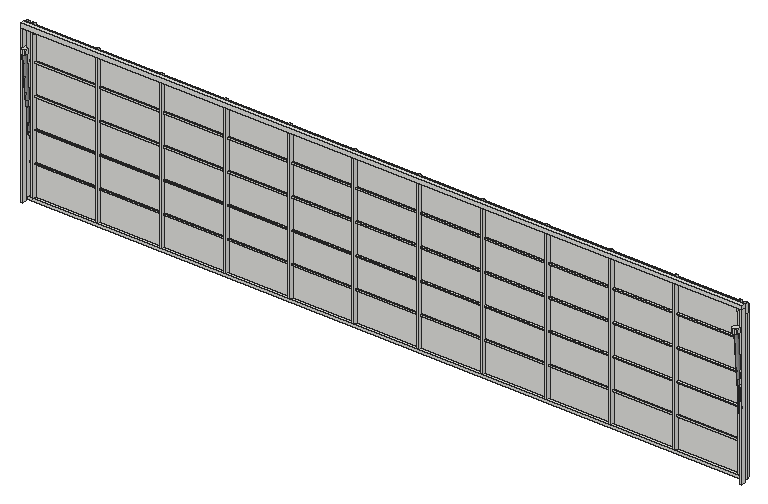
Revit family "Door-Hydraulic-PowerLift-Max_Plus_Frame", category Doors, host Wall, Revit 2026
Family settings
  Host = Wall
  Classification Number = 23.30.10.00
  Always vertical = Yes
  Cut with Voids When Loaded = No
  Shared = No
  Room Calculation Point = No
Parameters (values of type "90'W x 20'H")
  Vertical Rail Spacing [instance] = 7' - 10 1/4"
  URL = "https://powerliftdoors.com/"
  Type Comments = "Door models are generic and may be resized in architectural software (Revit). Door construction materials (e.g. number of crossmembers, verticals, and all material sizes) may change for your project based on a number of factors including but not limited to cladding material, interior/exterior sheeting, insulation, and wind load design requirements in your area.\r\n\r\nDetail items such as top and bottom door seals, header and jamb fixing components, hoses, pumps, and pins are not included in these models as installation requirements vary depending on factors such as header and jamb material, thickness/depth, and mounting style (inside or outside mount). Omitting such details also minimizes file size.\r\n\r\nFor details regarding different installation configurations, fixing requirements, seal details, and any further questions, please visit www.powerliftdoors.com or contact Powerlift Doors directly at 1-855-368-9595.\r\n"
  Rough Width = Width  # 90' - 0"
  Rough Opening Width [instance] = if(Outside Mount, Width - (0' 3" * 2), Width)  # 89' - 6"
  Rough Opening Height [instance] = if(Outside Mount, Height - 0' 6", Height)  # 19' - 6"
  Rough Height = Height  # 20' - 0"
  Outside Mount [instance] = not(Inside Mount)  # yes
  Model = "Max Plus Frame"
  Metal Sheeting Thickness [instance] = 0' - 1"
  Metal Sheeting Material [instance] = Steel - PowerLift
  Manufacturer Website = ""
  Manufacturer Phone - Toll Free = "855-368-9595"
  Manufacturer Phone = "507-368-9500"
  Manufacturer Fax = "507-368-1358"
  Manufacturer Email = "https://powerliftdoors.com/contact/"
  Manufacturer Address = "1482 200th Ave., P.O. Box 311, Lake Benton, MN 56149"
  Manufacturer = "PowerLift Hydraulic Doors"
  Inside Mount [instance] = no
  Horizontal Rail Spacing [instance] = 3' - 10 1/2"
  Function = Exterior
  Height = 20' - 0"
  Wall Closure = By host
  Width = 90' - 0"
  Frame Offset [instance] = if(Inside Mount, 0' 7" + Metal Sheeting Thickness, 0' 0")  # 0' - 0"
  Frame Material [instance] = Steel - PowerLift
  Door Open [instance] = no
  Door Closed [instance] = not(Door Open)  # yes
  Description = "Hydraulic Door - Max Plus Frame"
  Bottom Truss Interior [instance] = no
  Bottom Truss Exterior [instance] = not(Bottom Truss Interior)  # yes
Types (40): name | Rough Width | Rough Opening Width | Rough Opening Height | Rough Height | Height | Width
  80'W x 24'H | 80' - 0" | 79' - 6" | 23' - 6" | 24' - 0" | 24' - 0" | 80' - 0"
  82'W x 24'H | 82' - 0" | 81' - 6" | 23' - 6" | 24' - 0" | 24' - 0" | 82' - 0"
  84'W x 22'H | 84' - 0" | 83' - 6" | 21' - 6" | 22' - 0" | 22' - 0" | 84' - 0"
  84'W x 24'H | 84' - 0" | 83' - 6" | 23' - 6" | 24' - 0" | 24' - 0" | 84' - 0"
  86'W x 22'H | 86' - 0" | 85' - 6" | 21' - 6" | 22' - 0" | 22' - 0" | 86' - 0"
  88'W x 22'H | 88' - 0" | 87' - 6" | 21' - 6" | 22' - 0" | 22' - 0" | 88' - 0"
  90'W x 20'H | 90' - 0" | 89' - 6" | 19' - 6" | 20' - 0" | 20' - 0" | 90' - 0"
  90'W x 22'H | 90' - 0" | 89' - 6" | 21' - 6" | 22' - 0" | 22' - 0" | 90' - 0"
  92'W x 20'H | 92' - 0" | 91' - 6" | 19' - 6" | 20' - 0" | 20' - 0" | 92' - 0"
  92'W x 22'H | 92' - 0" | 91' - 6" | 21' - 6" | 22' - 0" | 22' - 0" | 92' - 0"
  94'W x 18'H | 94' - 0" | 93' - 6" | 17' - 6" | 18' - 0" | 18' - 0" | 94' - 0"
  94'W x 20'H | 94' - 0" | 93' - 6" | 19' - 6" | 20' - 0" | 20' - 0" | 94' - 0"
  94'W x 22'H | 94' - 0" | 93' - 6" | 21' - 6" | 22' - 0" | 22' - 0" | 94' - 0"
  96'W x 18'H | 96' - 0" | 95' - 6" | 17' - 6" | 18' - 0" | 18' - 0" | 96' - 0"
  96'W x 20'H | 96' - 0" | 95' - 6" | 19' - 6" | 20' - 0" | 20' - 0" | 96' - 0"
  96'W x 22'H | 96' - 0" | 95' - 6" | 21' - 6" | 22' - 0" | 22' - 0" | 96' - 0"
  98'W x 16'H | 98' - 0" | 97' - 6" | 15' - 6" | 16' - 0" | 16' - 0" | 98' - 0"
  98'W x 18'H | 98' - 0" | 97' - 6" | 17' - 6" | 18' - 0" | 18' - 0" | 98' - 0"
  98'W x 20'H | 98' - 0" | 97' - 6" | 19' - 6" | 20' - 0" | 20' - 0" | 98' - 0"
  98'W x 22'H | 98' - 0" | 97' - 6" | 21' - 6" | 22' - 0" | 22' - 0" | 98' - 0"
  100'W x 12'H | 100' - 0" | 99' - 6" | 11' - 6" | 12' - 0" | 12' - 0" | 100' - 0"
  100'W x 14'H | 100' - 0" | 99' - 6" | 13' - 6" | 14' - 0" | 14' - 0" | 100' - 0"
  100'W x 16'H | 100' - 0" | 99' - 6" | 15' - 6" | 16' - 0" | 16' - 0" | 100' - 0"
  100'W x 18'H | 100' - 0" | 99' - 6" | 17' - 6" | 18' - 0" | 18' - 0" | 100' - 0"
  100'W x 20'H | 100' - 0" | 99' - 6" | 19' - 6" | 20' - 0" | 20' - 0" | 100' - 0"
  102'W x 12'H | 102' - 0" | 101' - 6" | 11' - 6" | 12' - 0" | 12' - 0" | 102' - 0"
  102'W x 14'H | 102' - 0" | 101' - 6" | 13' - 6" | 14' - 0" | 14' - 0" | 102' - 0"
  102'W x 16'H | 102' - 0" | 101' - 6" | 15' - 6" | 16' - 0" | 16' - 0" | 102' - 0"
  102'W x 18'H | 102' - 0" | 101' - 6" | 17' - 6" | 18' - 0" | 18' - 0" | 102' - 0"
  102'W x 20'H | 102' - 0" | 101' - 6" | 19' - 6" | 20' - 0" | 20' - 0" | 102' - 0"
  104'W x 12'H | 104' - 0" | 103' - 6" | 11' - 6" | 12' - 0" | 12' - 0" | 104' - 0"
  104'W x 14'H | 104' - 0" | 103' - 6" | 13' - 6" | 14' - 0" | 14' - 0" | 104' - 0"
  104'W x 16'H | 104' - 0" | 103' - 6" | 15' - 6" | 16' - 0" | 16' - 0" | 104' - 0"
  104'W x 18'H | 104' - 0" | 103' - 6" | 17' - 6" | 18' - 0" | 18' - 0" | 104' - 0"
  104'W x 20'H | 104' - 0" | 103' - 6" | 19' - 6" | 20' - 0" | 20' - 0" | 104' - 0"
  108'W x 12'H | 108' - 0" | 107' - 6" | 11' - 6" | 12' - 0" | 12' - 0" | 108' - 0"
  108'W x 14'H | 108' - 0" | 107' - 6" | 13' - 6" | 14' - 0" | 14' - 0" | 108' - 0"
  108'W x 16'H | 108' - 0" | 107' - 6" | 15' - 6" | 16' - 0" | 16' - 0" | 108' - 0"
  108'W x 18'H | 108' - 0" | 107' - 6" | 17' - 6" | 18' - 0" | 18' - 0" | 108' - 0"
  108'W x 20'H | 108' - 0" | 107' - 6" | 19' - 6" | 20' - 0" | 20' - 0" | 108' - 0"
Reference planes (in)
  plane 1 "Center (Front/Back)": y = 0
  plane 2 "Center (Left/Right)": x = 0
  plane 3 "Left": x = -540
  plane 4 "Right": x = 540
  plane 5 "Top": z = 240
  plane 6 "Exterior": y = 12
  plane 7 "Interior": y = -12
  plane 8 "Door Frame Host": y = 12
  plane 9: x = -537
  plane 10: x = 537
  plane 11 "Cylinder Left": x = -533.03025
  plane 12 "Cylinder Right": x = 533.02725
  plane 13 "Door Panel Host": y = 18
  plane 14 "Open Door Projection": y = 258
Forms (in)
  Extrusion 1, solid, material "Steel - PowerLift" <- "Frame Material"
    sketch origin (0, 0, 0) x (1, 0, 0) y (0, 1, 0)
      loop
        line (-540, 18) -> (-540, 12) -> (-537, 12) -> (-537, 18) -> (-540, 18)
      loop
        line (537, 18) -> (537, 12) -> (540, 12) -> (540, 18) -> (537, 18)
    from 0 to 234
  Extrusion 2, solid, material "Steel - PowerLift" <- "Frame Material"
    sketch origin (0, 0, 0) x (0, 1, 0) y (0, 0, 1)
      loop
        line (12, 240) -> (12, 234) -> (18, 234) -> (18, 240) -> (12, 240)
    from -540 to 540
  Extrusion 3, solid, material "Steel - PowerLift" <- "Frame Material", visible <- "Inside Mount"
    sketch origin (540, 0, 0) x (0, -1, 0) y (0, 0, 1)
      loop
        line (-12, 236.5) -> (-12, 164.5) -> (-7, 169.5) -> (-7, 231.5) -> (-12, 236.5)
    from 0 to 3
  Extrusion 4, solid, material "Steel - PowerLift" <- "Frame Material", visible <- "Inside Mount", detail levels medium+fine
    sketch origin (-540, 0, 0) x (0, -1, 0) y (0, 0, 1)
      loop
        line (-12, 236.5) -> (-12, 164.5) -> (-7, 169.5) -> (-7, 231.5) -> (-12, 236.5)
    from 0 to -3
  Extrusion 5, solid, material "Steel - PowerLift" <- "Frame Material", detail levels medium+fine
    sketch origin (0, 0, 0) x (1, 0, 0) y (0, 1, 0)
      loop
        line (-537, 16.9375) -> (-537, 7.5288)
        arc (-537, 7.5288) -> (-536.83017, 6.83551) -> (-536.35914, 6.29921) r 1.5
        line (-536.35914, 6.29921) -> (-534.51603, 5.01139)
        arc (-534.51603, 5.01139) -> (-532.98933, 4.5625) -> (-531.50103, 5.12581) r 2.5
        line (-531.50103, 5.12581) -> (-529.91282, 6.42527)
        arc (-529.91282, 6.42527) -> (-529.55112, 6.85833) -> (-529.375, 7.39438) r 1.5
        line (-529.375, 7.39438) -> (-529.375, 10.875) -> (-530.375, 10.875) -> (-536, 16.9375) -> (-537, 16.9375)
      loop
        line (537, 16.9375) -> (536, 16.9375) -> (530.375, 10.875) -> (529.375, 10.875) -> (529.375, 7.39438)
        arc (529.375, 7.39438) -> (529.55112, 6.85833) -> (529.91282, 6.42527) r 1.5
        line (529.91282, 6.42527) -> (531.50103, 5.12581)
        arc (531.50103, 5.12581) -> (532.98933, 4.5625) -> (534.51603, 5.01139) r 2.5
        line (534.51603, 5.01139) -> (536.35914, 6.29921)
        arc (536.35914, 6.29921) -> (536.83017, 6.83551) -> (537, 7.5288) r 1.5
        line (537, 7.5288) -> (537, 16.9375)
    from 203.625 to 209.625
Lines and regions (in)
  Opening 1
    outline origin (-90, -12, 0) x (1, 0, 0) y (0, 0, 1)
      loop
        line (-447, 0) -> (627, 0) -> (627, 234) -> (-447, 234) -> (-447, 0)
  symbolic lines, style "Elevation Swing"
    curve 1: line (-540, 12, 0) -> (0, 12, 240)
    curve 2: line (0, 12, 240) -> (540, 12, 0)
    curve 7: line (-540, 12, 0) -> (-540, 256, 0)
    curve 8: line (-540, 256, 0) -> (540, 256, 0)
    curve 9: line (540, 256, 0) -> (540, 12, 0)
  reference lines
    curve 3: line (-533.03025, 9.5, 205.5) -> (-533.03025, 18, 93.75)
    curve 4: line (533.02725, 9.5, 205.5) -> (533.02725, 18, 93.75)
    curve 5: line (533.02725, 9.5, 205.5) -> (533.02725, 164.25, 232.75)
    curve 6: line (-533.03025, 9.5, 205.5) -> (-533.03025, 164.25, 232.75)
Text (in)
  text "Exterior" at (-74.96733, 52.57988, 0), in view "Ref. Level"
  text "Interior" at (-74.96733, -25.14366, 0), in view "Ref. Level"
  text "Exterior" at (0, 40.15149, 123.01588), in view "Right"
  text "Interior" at (0, -64.39139, 123.01588), in view "Right"
  text "Interior" at (0, -31.01599, 223.00693), in view "Left"
  text "Exterior" at (0, 54.57065, 223.00693), in view "Left"
Dimensions and locks (in)
  equal spacing: plane 3 "Left", plane 2 "Center (Left/Right)", plane 4 "Right"
  "Width": plane 3 "Left" to plane 4 "Right"
  "Frame Offset": plane 8 "Door Frame Host" to plane 6 "Exterior"
  locked: Extrusion 1 sketch curve to plane 8 "Door Frame Host" at 6  (x2)
  locked: Extrusion 1 sketch curve to plane 4 "Right" at 3
  locked: plane 3 "Left" to Extrusion 1 sketch curve at 3
  Extrusion 1 to plane 5 "Top" = 0' - 6"
  "Height": level to plane 5 "Top"
  locked: plane 8 "Door Frame Host" to Extrusion 2 sketch curve at 6
  locked: Extrusion 2 sketch curve to plane 5 "Top" at 6
  Extrusion 3 sketch curve to Extrusion 3 sketch curve to Extrusion 3 sketch curve to Extrusion 3 sketch curve to plane 5 "Top" = 0' - 5" locked, 5' - 2" locked, 0' - 5" locked, 0' - 3 1/2" locked
  locked: Extrusion 3 sketch curve to plane 8 "Door Frame Host" at 5
  locked: plane 3 "Left" to plane 9 at 3
  locked: plane 10 to plane 4 "Right" at 3
  locked: plane 8 "Door Frame Host" to Extrusion 4 sketch curve at 5
  Extrusion 4 sketch curve to Extrusion 4 sketch curve to Extrusion 4 sketch curve to Extrusion 4 sketch curve to plane 5 "Top" = 0' - 5" locked, 5' - 2" locked, 0' - 5" locked, 0' - 3 1/2" locked
  Extrusion 5 to Extrusion 5 to plane 5 "Top" = 0' - 6" locked, 2' - 6 3/8" locked
  curve 3 to plane 8 "Door Frame Host" to curve 3 = 0' - 6" locked, 0' - 2 1/2" locked
  curve 3 to curve 3 to plane 5 "Top" = 9' - 3 3/4" locked, 2' - 10 1/2" locked
  plane 3 "Left" to plane 11 "Cylinder Left" = 0' - 6.96975"
  locked: plane 12 "Cylinder Right" to plane 4 "Right" at 6.97275
  curve 4 to curve 4 to plane 5 "Top" = 9' - 3 3/4" locked, 2' - 10 1/2" locked
  curve 4 to plane 8 "Door Frame Host" to curve 4 = 0' - 6" locked, 0' - 2 1/2" locked
  locked: plane 13 "Door Panel Host" to plane 8 "Door Frame Host" at 6
  "Height": plane 14 "Open Door Projection" to plane 13 "Door Panel Host"
  locked: curve 5 to plane 5 "Top" at 7.25
  locked: plane 13 "Door Panel Host" to curve 5 at 146.25
  locked: curve 6 to plane 5 "Top" at 7.25
  locked: curve 6 to plane 13 "Door Panel Host" at 146.25
  locked: plane 14 "Open Door Projection" to curve 8 at 2
  equal spacing: Opening 1 sketch curve, plane 2 "Center (Left/Right)", Opening 1 sketch curve
  "Rough Opening Width": Opening 1 sketch curve to Opening 1 sketch curve
  "Rough Opening Height": Opening 1 sketch curve to level
  locked: plane 13 "Door Panel Host" to nested 1 at 0.25
  locked: Extrusion 1 to plane 5 "Top" at 6
  plane 9 to Extrusion 5 sketch curve to Extrusion 5 sketch curve to Extrusion 5 sketch curve = 0' - 1" locked, 0' - 5 5/8" locked, 0' - 1" locked
  Extrusion 5 sketch curve to plane 8 "Door Frame Host" to Extrusion 5 sketch curve to Extrusion 5 sketch curve to Extrusion 5 sketch curve to Extrusion 5 sketch curve to Extrusion 5 sketch curve to Extrusion 5 sketch curve to Extrusion 5 sketch curve = 0' - 4 15/16" locked, 0' - 1 1/8" locked, 0' - 3.3462" locked, 0' - 0.13442" locked, 0' - 0.96911" locked, 0' - 0.12605" locked, 0' - 1.1734" locked, 0' - 0.11442" locked  (x2)
  Extrusion 5 sketch curve to Extrusion 5 sketch curve to Extrusion 5 sketch curve to plane 10 = 0' - 1" locked, 0' - 5 5/8" locked, 0' - 1" locked
  Extrusion 1 to Extrusion 1 = 0' - 6"
  Extrusion 2 to Extrusion 2 = 0' - 6"
  aligned and locked: plane 6 "Exterior" to host wall
  aligned and locked: host wall to plane 7 "Interior"
  aligned and locked: Extrusion 1 sketch curve to plane 8 "Door Frame Host"
  aligned and locked: plane 8 "Door Frame Host" to Extrusion 1 sketch curve
  aligned and locked: Extrusion 1 sketch curve to plane 3 "Left"
  aligned and locked: plane 4 "Right" to Extrusion 1 sketch curve
  aligned and locked: plane 8 "Door Frame Host" to Extrusion 2 sketch curve
  aligned and locked: plane 5 "Top" to Extrusion 2 sketch curve
  aligned and locked: plane 8 "Door Frame Host" to Extrusion 3 sketch curve
  aligned and locked: Extrusion 3 to plane 10
  aligned and locked: plane 8 "Door Frame Host" to Extrusion 4 sketch curve
  aligned and locked: plane 9 to Extrusion 4
  aligned and locked: plane 3 "Left" to Extrusion 2
  aligned and locked: Extrusion 2 to plane 4 "Right"
  aligned and locked: Extrusion 5 sketch curve to plane 10
  aligned and locked: plane 2 "Center (Left/Right)" to nested 1
  aligned and locked: nested 2 to curve 4  (x3)
  aligned and locked: curve 3 to nested 3
  aligned and locked: plane 11 "Cylinder Left" to nested 3
  aligned and locked: plane 2 "Center (Left/Right)" to nested 4
  aligned and locked: nested 4 to plane 14 "Open Door Projection"
  aligned and locked: level to curve 2
  aligned and locked: plane 4 "Right" to curve 2
  aligned and locked: plane 3 "Left" to curve 1
  aligned and locked: curve 1 to level
  aligned and locked: plane 5 "Top" to curve 2
  aligned and locked: curve 2 to plane 2 "Center (Left/Right)"
  aligned and locked: nested 4 to plane 5 "Top"
  aligned and locked: nested 5 to curve 5
  aligned and locked: curve 7 to plane 3 "Left"
  aligned and locked: curve 9 to plane 4 "Right"
  aligned and locked: Opening 1 sketch curve to level
  aligned and locked: nested 3 to curve 6
  aligned and locked: nested 6 to curve 6
  aligned and locked: nested 5 to curve 6
  aligned and locked: Extrusion 5 sketch curve to plane 9
Automatic sketch dimensions
  plane 12 "Cylinder Right" to plane 12 "Cylinder Right" = 0' - 0"
  curve 9 to host wall = 0' - 0"
  curve 7 to host wall = 0' - 0"
  plane 9 to Extrusion 5 sketch curve = 0' - 0.64086"
  Extrusion 5 sketch curve to plane 11 "Cylinder Left" = 0' - 1.48579"
  Extrusion 5 sketch curve to plane 11 "Cylinder Left" = 0' - 0.05389"
  plane 11 "Cylinder Left" to Extrusion 5 sketch curve = 0' - 1.52922"
  Extrusion 5 sketch curve to Extrusion 5 sketch curve = 0' - 1.48768"
  Extrusion 5 sketch curve to Extrusion 5 sketch curve = 0' - 0.53782"  (x2)
  Extrusion 5 sketch curve to Extrusion 5 sketch curve = 0' - 0.94986"
  plane 12 "Cylinder Right" to Extrusion 5 sketch curve = 0' - 1.52622"
  Extrusion 5 sketch curve to plane 12 "Cylinder Right" = 0' - 0.05688"
  Extrusion 5 sketch curve to plane 12 "Cylinder Right" = 0' - 1.48878"
  Extrusion 5 sketch curve to plane 10 = 0' - 0.64086"
Nested families (in)
  nested 1: "Door-PowerLift-Max_Plus_Frame-Front" at (0, 18.25, 0), visible <- "Door Closed", type "Door-PowerLift-Max_Plus_Frame-Front"
    with Metal Sheeting Bottom Extension 0' - 4", Bottom Truss Interior no, Bottom Truss Exterior yes
  nested 2: "Door-PowerLift-Max_Plus-Cylinder" at (533.02725, 18, 93.75) x (-1, 0, 0) z (0, -0.0758, 0.9971), visible <- "Door Closed", type "Door-PowerLift-Max_Plus-Cylinder", detail levels medium+fine
    with Axis to Axis Distance 9' - 4.0728"
  nested 3: "Door-PowerLift-Max_Plus-Cylinder" at (-533.03025, 18, 93.75) x (1, 0, 0) z (0, -0.0758, 0.9971), visible <- "Door Closed", type "Door-PowerLift-Max_Plus-Cylinder", detail levels medium+fine
    with Axis to Axis Distance 9' - 4.0728"
  nested 4: "Door-PowerLift-Max_Plus_Frame-Front" at (0, 258, 233) x (1, 0, 0) z (0, -1, 0), visible <- "Door Open", type "Door-PowerLift-Max_Plus_Frame-Front"
    with Metal Sheeting Bottom Extension 0' - 4", Bottom Truss Interior no, Bottom Truss Exterior yes
  nested 5: "Door-PowerLift-Max_Plus-Cylinder" at (533.02725, 164.25, 232.75) x (-1, 0, 0) z (0, -0.9848, -0.1734), visible <- "Door Open", type "Door-PowerLift-Max_Plus-Cylinder", detail levels medium+fine
    with Axis to Axis Distance 13' - 1.13092"
  nested 6: "Door-PowerLift-Max_Plus-Cylinder" at (-533.03025, 164.25, 232.75) x (1, 0, 0) z (0, -0.9848, -0.1734), visible <- "Door Open", type "Door-PowerLift-Max_Plus-Cylinder", detail levels medium+fine
    with Axis to Axis Distance 13' - 1.13092"
Definition of nested family "Door-PowerLift-Max_Plus_Frame-Front"
  Parameters (values of type "Door-PowerLift-Max_Plus_Frame-Front")
    Width = 90' - 0"
    Vertical Rail No Array = not(Vertical Rail Array)  # no
    Vertical Rail Array Quantity Auxiliary = if(Vertical Rail Array Quantity > 1, Vertical Rail Array Quantity, 2)  # 10
    Vertical Rail Array Quantity = ((Width - (0' 11" * 2)) / Vertical Bay Spacing) - 1  # 10
    Vertical Bay Spacing = 7' - 10 1/4"
    Vertical Bay Cantilever = (Width - (0' 11" * 2)) / (Vertical Rail Array Quantity + 1)  # 8' - 0.18182"
    Metal Sheeting Thickness = 0' - 1"
    Metal Sheeting Material = none
    Metal Sheeting Bottom Extension [instance] = if(Bottom Truss Interior, 0' 2", 0' 4")  # 0' - 2"
    Horizontal Rail No Array = not(Horizontal Rail Array)  # no
    Horizontal Rail Array Quantity Auxiliary = if(Horizontal Rail Array Quantity > 1, Horizontal Rail Array Quantity, 2)  # 4
    Horizontal Rail Array Quantity = ((Height - 0' 5 1/2" - 0' 4") / Horizontal Bay Spacing) - 1  # 4
    Horizontal Rail Array = Horizontal Rail Array Quantity > 1  # yes
    Horizontal Bay Spacing = 3' - 10 1/2"
    Vertical Rail Array = Vertical Rail Array Quantity > 1  # yes
    Horizontal Bay Cantilever = (Height - 0' 5 1/2" - 0' 6") / (Horizontal Rail Array Quantity + 1)  # 3' - 9.7"
    Frame Material = none
    Bottom Truss Rail Array = ((Width - (2' 11" * 2)) / 3' 1 1/4") + 1  # 28
    Height = 20' - 0"
    Default Elevation = 0' - 0"
    Bottom Truss Interior = yes
    Bottom Truss Exterior = not(Bottom Truss Interior)  # no
  Reference planes (in)
    plane 1 "Center (Front/Back)": y = 0
    plane 2: z = 0
    plane 3 "Center (Left/Right)": x = 0
    plane 4 "Left": x = -540
    plane 5 "Right": x = 540
    plane 6 "Top": z = 240
    plane 7: x = -503
    plane 8: x = 503
    plane 9: y = 6
    plane 10: x = -529
    plane 11: x = 529
    plane 12: x = -432.81818
    plane 13: x = 432.81818
    plane 14: y = 7
    plane 15: z = 51.7
    plane 16: z = 188.3
    plane 17: z = 234
    plane 18: z = 4
    plane 19: z = 119
    plane 20: z = 6
    plane 21: x = -501
  Forms (in)
    Extrusion 1, solid, material <- "Frame Material"
      sketch origin (0, 0, 0) x (1, 0, 0) y (0, 0, 1)
        loop
          line (-539, 236) -> (-539, 2) -> (-536, 2) -> (-536, 233) -> (536, 233) -> (536, 2) -> (539, 2) -> (539, 236) -> (-539, 236)
      from -6 to 0
    Extrusion 2, solid, material <- "Frame Material"
      sketch origin (0, 0, 0) x (0, 1, 0) y (0, 0, 1)
        loop
          line (0, 6) -> (0, 2) -> (6, 2) -> (6, 6) -> (0, 6)
      from -536.75 to 536.75
    Extrusion 3, solid, material <- "Frame Material", visible <- "Bottom Truss Interior"
      sketch origin (0, 3.5, 0) x (1, 0, 0) y (0, 1, 0)
        loop
          line (-533.25736, -3.5) -> (-537.5, -3.5) -> (-504.5, -36.5) -> (504.5, -36.5) -> (537.5, -3.5) -> (533.25736, -3.5) -> (504.5, -32.25736) -> (504.5, -33.5) -> (-504.5, -33.5) -> (-504.5, -32.25736) -> (-533.25736, -3.5)
      from 2 to 4
    Extrusion 4, solid, material <- "Metal Sheeting Material"
      sketch origin (0, 0, 0) x (1, 0, 0) y (0, 1, 0)
        loop
          line (-539, 7) -> (-539, 6) -> (539, 6) -> (539, 7) -> (-539, 7)
      from 2 <- "Metal Sheeting Bottom Extension" to 236
    Extrusion 5, solid, material <- "Frame Material", detail levels medium+fine
      sketch origin (540, 0, 0) x (0, -1, 0) y (0, 0, -1)
        loop
          line (-5.5, -236) -> (-5.5, -238.5625) -> (-4.5, -239.5625) -> (-1, -239.5625) -> (0, -238.5625) -> (0, -236) -> (-5.5, -236)
      from -3.5 to -9.5
    Extrusion 6, void
      sketch origin (0, 0, 0) x (1, 0, 0) y (0, 0, 1)
        loop
          line (536, 236.5625) -> (536, 239.875) -> (531, 239.875) -> (531, 236.5625) -> (536, 236.5625)
      from 0 to -6
    Extrusion 7, solid, material <- "Frame Material", detail levels medium+fine
      sketch origin (-540, 0, 0) x (0, -1, 0) y (0, 0, 1)
        loop
          line (0, 236.0625) -> (0, 238.5625) -> (-1, 239.5625) -> (-4.5, 239.5625) -> (-5.5, 238.5625) -> (-5.5, 236.0625) -> (0, 236.0625)
      from -3.5 to -9.5
    Extrusion 8, void
      sketch origin (0, 0, 0) x (1, 0, 0) y (0, 0, 1)
        loop
          line (-536, 236.5625) -> (-531, 236.5625) -> (-531, 239.875) -> (-536, 239.875) -> (-536, 236.5625)
      from 0 to -5.5
    Extrusion 9, solid, material <- "Frame Material", detail levels medium+fine
      sketch origin (540, 0, 0) x (0, -1, 0) y (0, 0, -1)
        loop
          line (0, -238.5) -> (0, -226.5)
          arc (0, -226.5) -> (-0.29289, -225.79289) -> (-1, -225.5) r 1
          line (-1, -225.5) -> (-4.5, -225.5)
          arc (-4.5, -225.5) -> (-5.20711, -225.79289) -> (-5.5, -226.5) r 1
          line (-5.5, -226.5) -> (-5.5, -238.5)
          arc (-5.5, -238.5) -> (-5.20711, -239.20711) -> (-4.5, -239.5) r 1
          line (-4.5, -239.5) -> (-1, -239.5)
          arc (-1, -239.5) -> (-0.29289, -239.20711) -> (0, -238.5) r 1
      from -0.375 to -12.625
    Extrusion 10, solid, material <- "Frame Material", detail levels medium+fine
      sketch origin (-540, 0, 0) x (0, -1, 0) y (0, 0, 1)
        loop
          arc (0, 238.5) -> (-0.29289, 239.20711) -> (-1, 239.5) r 1
          line (-1, 239.5) -> (-4.5, 239.5)
          arc (-4.5, 239.5) -> (-5.20711, 239.20711) -> (-5.5, 238.5) r 1
          line (-5.5, 238.5) -> (-5.5, 226.5)
          arc (-5.5, 226.5) -> (-5.20711, 225.79289) -> (-4.5, 225.5) r 1
          line (-4.5, 225.5) -> (-1, 225.5)
          arc (-1, 225.5) -> (-0.29289, 225.79289) -> (0, 226.5) r 1
          line (0, 226.5) -> (0, 238.5)
      from -0.375 to -12.625
    Extrusion 11, solid, material <- "Frame Material", detail levels medium+fine
      sketch origin (0, 0, 0) x (1, 0, 0) y (0, 1, 0)
        loop
          line (-535.875, 6) -> (-535.875, 2.875) -> (-530.125, 2.875) -> (-530.125, 6) -> (-535.875, 6)
        loop
          line (535.875, 6) -> (530.125, 6) -> (530.125, 2.875) -> (535.875, 2.875) -> (535.875, 6)
      from 83.5625 to 107.9375
    Extrusion 12, solid, material <- "Frame Material", detail levels medium+fine
      sketch origin (540, 0, 0) x (0, -1, 0) y (0, 0, -1)
        loop
          arc (0.75, -95.1875) -> (1.45711, -94.89461) -> (1.75, -94.1875) r 1
          line (1.75, -94.1875) -> (1.75, -91.79613)
          arc (1.75, -91.79613) -> (1.60423, -91.27624) -> (1.20942, -90.90791) r 1
          line (1.20942, -90.90791) -> (-5.5, -87.4375) -> (-5.5, -95.1875) -> (0.75, -95.1875)
      from -7.625 to -6.375
    Extrusion 13, solid, material <- "Frame Material", detail levels medium+fine
      sketch origin (-540, 0, 0) x (0, -1, 0) y (0, 0, 1)
        loop
          line (0.75, 95.1875) -> (-5.5, 95.1875) -> (-5.5, 87.4375) -> (1.20942, 90.90791)
          arc (1.20942, 90.90791) -> (1.60423, 91.27624) -> (1.75, 91.79613) r 1
          line (1.75, 91.79613) -> (1.75, 94.1875)
          arc (1.75, 94.1875) -> (1.45711, 94.89461) -> (0.75, 95.1875) r 1
      from -7.625 to -6.375
    Sweep 14, solid, material <- "Frame Material"
      path origin (0, 0, 0) x (0, 1, 0) y (0, 0, 1)
        loop
          line (6, 0) -> (1, 0)
      profile origin (0, 3.5, 0) x (0, 0, -1) y (1, 0, 0)
        loop
          line (-6, 530.5) -> (-233, 530.5) -> (-233, 527.5) -> (-6, 527.5) -> (-6, 530.5)
        loop
          line (-6, -530.5) -> (-6, -527.5) -> (-233, -527.5) -> (-233, -530.5) -> (-6, -530.5)
    Extrusion 15, void
      sketch origin (0, 0, 0) x (1, 0, 0) y (0, 0, 1)
        loop
          line (-528, 224.4375) -> (-528, 240.4375) -> (-539, 240.4375) -> (-539, 224.4375) -> (-528, 224.4375)
        loop
          line (528, 224.4375) -> (539, 224.4375) -> (539, 240.4375) -> (528, 240.4375) -> (528, 224.4375)
      from -6 to 0.25
    Extrusion 16, solid, material <- "Frame Material", visible <- "Bottom Truss Exterior"
      sketch origin (0, 2.5, 0) x (1, 0, 0) y (0, 1, 0)
        loop
          line (-533.25736, 3.5) -> (-504.5, 32.25736) -> (-504.5, 33.5) -> (504.5, 33.5) -> (504.5, 32.25736) -> (533.25736, 3.5) -> (537.5, 3.5) -> (504.5, 36.5) -> (-504.5, 36.5) -> (-537.5, 3.5) -> (-533.25736, 3.5)
      from 2 to 4
  Cuts and joins
    Extrusion 6 cuts Extrusion 5
    Extrusion 8 cuts Extrusion 7
    Extrusion 15 cuts Extrusion 10
    Extrusion 15 cuts Extrusion 9
    joined: Extrusion 11, Extrusion 12, Extrusion 13
  Dimensions and locks (in)
    equal spacing: plane 4 "Left", plane 3 "Center (Left/Right)", plane 5 "Right"
    "Width": plane 4 "Left" to plane 5 "Right"
    locked: plane 4 "Left" to plane 7 at 37
    locked: plane 8 to plane 5 "Right" at 37
    "Height": plane 2 to plane 6 "Top"
    plane 5 "Right" to Extrusion 1 sketch curve to Extrusion 1 sketch curve = 0' - 1" locked, 0' - 3" locked
    plane 4 "Left" to Extrusion 1 sketch curve to Extrusion 1 sketch curve = 0' - 1" locked, 0' - 3" locked
    Extrusion 1 sketch curve to Extrusion 1 sketch curve to plane 6 "Top" = 0' - 3" locked, 0' - 4" locked
    locked: plane 2 to Extrusion 1 sketch curve at 2  (x2)
    locked: plane 4 "Left" to Extrusion 2 at 3.25
    locked: Extrusion 2 to plane 5 "Right" at 3.25
    locked: plane 1 "Center (Front/Back)" to plane 9 at 6
    locked: plane 4 "Left" to plane 10 at 11
    locked: plane 11 to plane 5 "Right" at 11
    equal spacing: group 1, group 20, group 21, group 22, group 23, group 24, group 25, group 26, group 63, group 2  (x3)
    "Vertical Bay Cantilever": plane 12 to plane 10
    "Vertical Bay Cantilever": plane 11 to plane 13
    equal spacing: group 3, group 5, group 11, group 12, group 13, group 14, group 27, group 28, group 29, group 30, group 31, group 32, group 33, group 34, group 35, group 36, group 37, group 38, group 39, group 40, group 41, group 42, group 43, group 44, group 64, group 65, group 66, group 4  (x3)
    plane 1 "Center (Front/Back)" to Extrusion 3 sketch curve to Extrusion 3 sketch curve = 2' - 6" locked, 0' - 3" locked
    Extrusion 3 sketch curve to Extrusion 3 sketch curve to plane 5 "Right" = 0' - 4.24264" locked, 0' - 2 1/2" locked
    plane 4 "Left" to Extrusion 3 sketch curve to Extrusion 3 sketch curve = 0' - 2 1/2" locked, 0' - 4.24264" locked
    locked: Extrusion 3 to plane 2 at 2
    equal spacing: group 6, group 8, group 15, group 16, group 17, group 18, group 45, group 46, group 47, group 48, group 49, group 50, group 51, group 52, group 53, group 54, group 55, group 56, group 57, group 58, group 59, group 60, group 61, group 62, group 67, group 68, group 69, group 7  (x3)
    "Metal Sheeting Thickness": plane 14 to plane 9
    Extrusion 4 to plane 2 = 0' - 2"
    locked: plane 6 "Top" to Extrusion 4 at 4
    locked: Extrusion 4 sketch curve to plane 5 "Right" at 1
    locked: plane 4 "Left" to Extrusion 4 sketch curve at 1
    plane 6 "Top" to Extrusion 5 sketch curve to Extrusion 5 sketch curve to Extrusion 5 sketch curve to Extrusion 5 sketch curve = 0' - 0 7/16", 0' - 1", 0' - 0", 0' - 2 9/16"
    plane 5 "Right" to Extrusion 5 to cut or joined group of Extrusion 5, Extrusion 6 = 0' - 3 1/2" locked, 0' - 6"
    Extrusion 7 sketch curve to Extrusion 7 sketch curve to Extrusion 7 sketch curve to Extrusion 7 sketch curve to plane 6 "Top" = 0' - 2 1/2" locked, 0' - 0" locked, 0' - 1" locked, 0' - 0 7/16" locked
    Extrusion 7 to Extrusion 7 to plane 4 "Left" = 0' - 6" locked, 0' - 3 1/2" locked
    plane 4 "Left" to Extrusion 8 sketch curve to Extrusion 8 sketch curve = 0' - 4" locked, 0' - 5" locked
    Extrusion 8 sketch curve to Extrusion 8 sketch curve to plane 6 "Top" = 0' - 3 5/16" locked, 0' - 0 1/8" locked
    plane 6 "Top" to Extrusion 9 sketch curve to Extrusion 9 sketch curve = 0' - 0 1/2" locked, 1' - 2" locked
    plane 6 "Top" to Extrusion 10 sketch curve to Extrusion 10 sketch curve = 0' - 0 1/2" locked, 1' - 2" locked
    plane 4 "Left" to Extrusion 10 to Extrusion 10 = 0' - 0 3/8" locked, 1' - 0 1/4" locked
    plane 4 "Left" to Extrusion 11 sketch curve to Extrusion 11 sketch curve = 0' - 4 1/8" locked, 0' - 5 3/4" locked
    Extrusion 11 sketch curve to Extrusion 11 sketch curve to plane 5 "Right" = 0' - 5 3/4" locked, 0' - 4 1/8" locked
    plane 6 "Top" to Extrusion 11 to Extrusion 11 = 11' - 0 1/16" locked, 2' - 0 3/8" locked
    plane 4 "Left" to Extrusion 13 to Extrusion 13 = 0' - 6 3/8" locked, 0' - 1 1/4" locked
    Extrusion 12 to Extrusion 12 to plane 5 "Right" = 0' - 1 1/4" locked, 0' - 6 3/8" locked
    Extrusion 9 to Extrusion 9 to plane 5 "Right" = 1' - 0 1/4" locked, 0' - 0 3/8" locked
    locked: plane 2 to plane 18 at 4
    plane 17 to plane 6 "Top" = 0' - 6"
    equal spacing: group 9, group 19, group 70, group 10  (x3)
    "Horizontal Bay Cantilever": plane 15 to plane 20
    "Horizontal Bay Cantilever": plane 17 to plane 16
    equal spacing: plane 17, plane 19, plane 18
    plane 6 "Top" to Extrusion 12 sketch curve to Extrusion 12 sketch curve = 12' - 0 13/16" locked, 0' - 7 3/4" locked
    plane 6 "Top" to Extrusion 13 sketch curve to Extrusion 13 sketch curve = 12' - 0 13/16" locked, 0' - 7 3/4" locked
    locked: plane 1 "Center (Front/Back)" to Extrusion 3 sketch curve at 0  (x2)
    Extrusion 4 to plane 18 = 0' - 2"
    locked: plane 4 "Left" to Extrusion 3 sketch curve at 35.5
    locked: Extrusion 3 sketch curve to plane 5 "Right" at 35.5
    Extrusion 9 sketch curve to plane 1 "Center (Front/Back)" to Extrusion 9 sketch curve = 0' - 0" locked, 0' - 5 1/2" locked
    Extrusion 10 sketch curve to plane 1 "Center (Front/Back)" to Extrusion 10 sketch curve = 0' - 5 1/2" locked, 0' - 0" locked
    locked: Sweep 14 sketch curve to plane 6 "Top" at 7
    plane 4 "Left" to Sweep 14 sketch curve to Sweep 14 sketch curve = 0' - 9 1/2" locked, 0' - 3" locked
    plane 5 "Right" to Sweep 14 sketch curve to Sweep 14 sketch curve = 0' - 9 1/2" locked, 0' - 3" locked
    plane 9 to Extrusion 13 sketch curve to Extrusion 13 sketch curve = 0' - 0 1/2" locked, 0' - 7 1/4" locked
    plane 9 to Extrusion 12 sketch curve to Extrusion 12 sketch curve = 0' - 0 1/2" locked, 0' - 7 1/4" locked
    locked: plane 2 to Sweep 14 sketch curve at 6
    locked: plane 6 "Top" to plane 17 at 6
    locked: Extrusion 2 sketch curve to plane 2 at 2
    locked: plane 9 to Extrusion 11 sketch curve at 3.125  (x2)
    Extrusion 6 sketch curve to Extrusion 6 sketch curve to plane 5 "Right" = 0' - 5" locked, 0' - 4" locked
    plane 4 "Left" to Extrusion 15 sketch curve to Extrusion 15 sketch curve = 0' - 1" locked, 0' - 11" locked
    Extrusion 15 sketch curve to plane 6 "Top" to Extrusion 15 sketch curve = 1' - 3 9/16" locked, 0' - 0 7/16" locked
    plane 5 "Right" to Extrusion 15 sketch curve to Extrusion 15 sketch curve = 0' - 1" locked, 0' - 11" locked
    Extrusion 6 sketch curve to Extrusion 6 sketch curve to plane 6 "Top" = 0' - 3 5/16" locked, 0' - 0 1/8" locked
    locked: plane 20 to plane 2 at 6
    Sweep 14 to Sweep 14 = 0' - 5"
    Sweep 14 to Sweep 14 = 0' - 3"  (x2)
    nested 1 to nested 1 = 0' - 5"
    locked: plane 1 "Center (Front/Back)" to Sweep 14 sketch curve at 6
    nested 10 to nested 10 = 0' - 2"
    locked: plane 7 to plane 21 at 2
    nested 2 to nested 2 = 0' - 0"
    locked: Sweep 14 sketch curve to Sweep 14 sketch curve at 5
    Extrusion 4 to Extrusion 4 = 89' - 10"
    locked: Extrusion 16 sketch curve to Extrusion 16 sketch curve at 3
    locked: Extrusion 16 sketch curve to Extrusion 16 sketch curve at 4.24264
    Extrusion 16 sketch curve to Extrusion 16 sketch curve to plane 5 "Right" = 2' - 4.75736" locked, 0' - 6.74264" locked
    locked: Extrusion 16 sketch curve to plane 5 "Right" at 35.5
    plane 4 "Left" to Extrusion 16 sketch curve to Extrusion 16 sketch curve = 2' - 11 1/2" locked, 0' - 0" locked
    nested 7 to Extrusion 3 = 2' - 9"
    nested 4 to plane 8 = 0' - 1 1/2"
    Extrusion 3 to Extrusion 3 = 2' - 9"
    Extrusion 16 to Extrusion 4 = 2' - 9"
    Extrusion 3 to Extrusion 1 = 2' - 9"
    Extrusion 16 to Extrusion 16 = 0' - 3"  (x2)
    Extrusion 3 to Extrusion 3 = 0' - 3"  (x4)
    locked: plane 8 to Extrusion 3 sketch curve at 1.5
    locked: Extrusion 3 sketch curve to plane 21 at 3.5
    aligned and locked: level to plane 2
    aligned and locked: nested 1 to plane 9
    aligned and locked: plane 12 to nested 1
    aligned and locked: plane 13 to nested 2
    aligned and locked: plane 7 to nested 3
    aligned and locked: nested 6 to plane 7
    aligned and locked: Extrusion 4 sketch curve to plane 14
    aligned and locked: Extrusion 4 sketch curve to plane 9
    aligned and locked: plane 3 "Center (Left/Right)" to nested 9
    aligned and locked: nested 9 to plane 9
    aligned and locked: nested 10 to plane 15
    aligned and locked: plane 3 "Center (Left/Right)" to nested 12
    aligned and locked: nested 12 to plane 9
    aligned and locked: nested 12 to plane 19
    aligned and locked: nested 11 to plane 16
    aligned and locked: Extrusion 1 to plane 9
    aligned and locked: plane 2 to Sweep 14 sketch curve
    aligned and locked: Sweep 14 sketch curve to Sweep 14 sketch curve  (x2)
    aligned and locked: plane 9 to nested 2
    aligned and locked: nested 7 to plane 8
    aligned and locked: plane 8 to nested 4
    aligned and locked: Extrusion 2 sketch curve to plane 1 "Center (Front/Back)"
    aligned and locked: Extrusion 2 sketch curve to plane 9
    aligned and locked: Extrusion 2 sketch curve to plane 20
    aligned and locked: Extrusion 11 sketch curve to plane 9  (x2)
    aligned and locked: Extrusion 15 sketch curve to Extrusion 15 sketch curve  (x2)
  Automatic sketch dimensions
    Extrusion 5 sketch curve to plane 1 "Center (Front/Back)" = 0' - 0"
    plane 1 "Center (Front/Back)" to Extrusion 5 sketch curve = 0' - 1"
    plane 9 to Extrusion 5 sketch curve = 0' - 1 1/2"
    plane 9 to Extrusion 5 sketch curve = 0' - 0 1/2"
    Extrusion 7 sketch curve to plane 1 "Center (Front/Back)" = 0' - 0"
    Extrusion 7 sketch curve to plane 1 "Center (Front/Back)" = 0' - 1"
    Extrusion 7 sketch curve to plane 9 = 0' - 1 1/2"
    Extrusion 7 sketch curve to plane 9 = 0' - 0 1/2"
    Extrusion 9 sketch curve to Extrusion 9 sketch curve = 0' - 1"  (x4)
    Extrusion 10 sketch curve to Extrusion 10 sketch curve = 0' - 1"  (x4)
    Extrusion 12 sketch curve to plane 1 "Center (Front/Back)" = 0' - 0 3/4"  (x2)
    Extrusion 12 sketch curve to Extrusion 12 sketch curve = 0' - 0.45942"
    Extrusion 12 sketch curve to Extrusion 12 sketch curve = 0' - 3.27959"
    plane 1 "Center (Front/Back)" to Extrusion 13 sketch curve = 0' - 0 3/4"  (x2)
    Extrusion 13 sketch curve to Extrusion 13 sketch curve = 0' - 0.45942"
    Extrusion 13 sketch curve to Extrusion 13 sketch curve = 0' - 3.27959"
    Extrusion 16 sketch curve to plane 9 = 0' - 0"
    plane 9 to Extrusion 16 sketch curve = 0' - 0"
    Extrusion 16 sketch curve to plane 4 "Left" = 0' - 2 1/2"
    plane 14 to Extrusion 16 sketch curve = 2' - 3.75736"  (x2)
    Extrusion 16 sketch curve to Extrusion 16 sketch curve = 0' - 1.24264"
    Extrusion 16 sketch curve to plane 5 "Right" = 0' - 2 1/2"
    Extrusion 3 sketch curve to Extrusion 3 sketch curve = 0' - 1.24264"  (x2)
  Nested families (in)
    nested 1: "Door-PowerLift-Max-Vertical_Rail" at (-432.81818, 6, 0), visible <- "Vertical Rail Array", type "Vertical Rail"
    nested 2: "Door-PowerLift-Max-Vertical_Rail" at (432.81818, 6, 0), visible <- "Vertical Rail Array", type "Vertical Rail"
    nested 3: "Door-PowerLift-Max_Frame-Bottom_Truss" at (-503, 6, 2), visible <- "Bottom Truss Exterior", type "Bottom Truss"
    nested 4: "Door-PowerLift-Max_Frame-Bottom_Truss" at (503, 6, 2), visible <- "Bottom Truss Exterior", type "Bottom Truss"
    nested 5: "Door-PowerLift-Max_Frame-Bottom_Truss" at (-465.74074, 6, 2), visible <- "Bottom Truss Exterior", type "Bottom Truss"
    nested 6: "Door-PowerLift-Max_Frame-Bottom_Truss" at (-503, 0, 2) x (-1, 0, 0) z (0, 0, 1), visible <- "Bottom Truss Interior", type "Bottom Truss"
    nested 7: "Door-PowerLift-Max_Frame-Bottom_Truss" at (503, 0, 2) x (-1, 0, 0) z (0, 0, 1), visible <- "Bottom Truss Interior", type "Bottom Truss"
    nested 8: "Door-PowerLift-Max_Frame-Bottom_Truss" at (-465.74074, 0, 2) x (-1, 0, 0) z (0, 0, 1), visible <- "Bottom Truss Interior", type "Bottom Truss"
    nested 9: "Door-PowerLift-Max-Vertical_Rail" at (0, 6, 0), visible <- "Vertical Rail No Array", type "Vertical Rail"
    nested 10: "Door-PowerLift-Max-Horizontal_Rail" at (0, 6, 51.7), visible <- "Horizontal Rail Array", type "Horizontal Rail"
      with Length 90' - 0"
    nested 11: "Door-PowerLift-Max-Horizontal_Rail" at (0, 6, 188.3), visible <- "Horizontal Rail Array", type "Horizontal Rail"
      with Length 90' - 0"
    nested 12: "Door-PowerLift-Max-Horizontal_Rail" at (0, 6, 119), visible <- "Horizontal Rail No Array", type "Horizontal Rail"
      with Length 90' - 0"
    nested 13: "Door-PowerLift-Max_Frame-Bottom_Truss" at (-428.48148, 6, 2), visible <- "Bottom Truss Exterior", type "Bottom Truss"
    nested 14: "Door-PowerLift-Max_Frame-Bottom_Truss" at (-391.22222, 6, 2), visible <- "Bottom Truss Exterior", type "Bottom Truss"
    nested 15: "Door-PowerLift-Max_Frame-Bottom_Truss" at (-353.96296, 6, 2), visible <- "Bottom Truss Exterior", type "Bottom Truss"
    nested 16: "Door-PowerLift-Max_Frame-Bottom_Truss" at (-316.7037, 6, 2), visible <- "Bottom Truss Exterior", type "Bottom Truss"
    nested 17: "Door-PowerLift-Max_Frame-Bottom_Truss" at (-428.48148, 0, 2) x (-1, 0, 0) z (0, 0, 1), visible <- "Bottom Truss Interior", type "Bottom Truss"
    nested 18: "Door-PowerLift-Max_Frame-Bottom_Truss" at (-391.22222, 0, 2) x (-1, 0, 0) z (0, 0, 1), visible <- "Bottom Truss Interior", type "Bottom Truss"
    nested 19: "Door-PowerLift-Max_Frame-Bottom_Truss" at (-353.96296, 0, 2) x (-1, 0, 0) z (0, 0, 1), visible <- "Bottom Truss Interior", type "Bottom Truss"
    nested 20: "Door-PowerLift-Max_Frame-Bottom_Truss" at (-316.7037, 0, 2) x (-1, 0, 0) z (0, 0, 1), visible <- "Bottom Truss Interior", type "Bottom Truss"
    nested 21: "Door-PowerLift-Max-Horizontal_Rail" at (0, 6, 97.23333), visible <- "Horizontal Rail Array", type "Horizontal Rail"
      with Length 90' - 0"
    nested 22: "Door-PowerLift-Max-Vertical_Rail" at (-336.63636, 6, 0), visible <- "Vertical Rail Array", type "Vertical Rail"
    nested 23: "Door-PowerLift-Max-Vertical_Rail" at (-240.45455, 6, 0), visible <- "Vertical Rail Array", type "Vertical Rail"
    nested 24: "Door-PowerLift-Max-Vertical_Rail" at (-144.27273, 6, 0), visible <- "Vertical Rail Array", type "Vertical Rail"
    nested 25: "Door-PowerLift-Max-Vertical_Rail" at (-48.09091, 6, 0), visible <- "Vertical Rail Array", type "Vertical Rail"
    nested 26: "Door-PowerLift-Max-Vertical_Rail" at (48.09091, 6, 0), visible <- "Vertical Rail Array", type "Vertical Rail"
    nested 27: "Door-PowerLift-Max-Vertical_Rail" at (144.27273, 6, 0), visible <- "Vertical Rail Array", type "Vertical Rail"
    nested 28: "Door-PowerLift-Max-Vertical_Rail" at (240.45455, 6, 0), visible <- "Vertical Rail Array", type "Vertical Rail"
    nested 29: "Door-PowerLift-Max_Frame-Bottom_Truss" at (-279.44444, 6, 2), visible <- "Bottom Truss Exterior", type "Bottom Truss"
    nested 30: "Door-PowerLift-Max_Frame-Bottom_Truss" at (-242.18519, 6, 2), visible <- "Bottom Truss Exterior", type "Bottom Truss"
    nested 31: "Door-PowerLift-Max_Frame-Bottom_Truss" at (-204.92593, 6, 2), visible <- "Bottom Truss Exterior", type "Bottom Truss"
    nested 32: "Door-PowerLift-Max_Frame-Bottom_Truss" at (-167.66667, 6, 2), visible <- "Bottom Truss Exterior", type "Bottom Truss"
    nested 33: "Door-PowerLift-Max_Frame-Bottom_Truss" at (-130.40741, 6, 2), visible <- "Bottom Truss Exterior", type "Bottom Truss"
    nested 34: "Door-PowerLift-Max_Frame-Bottom_Truss" at (-93.14815, 6, 2), visible <- "Bottom Truss Exterior", type "Bottom Truss"
    nested 35: "Door-PowerLift-Max_Frame-Bottom_Truss" at (-55.88889, 6, 2), visible <- "Bottom Truss Exterior", type "Bottom Truss"
    nested 36: "Door-PowerLift-Max_Frame-Bottom_Truss" at (-18.62963, 6, 2), visible <- "Bottom Truss Exterior", type "Bottom Truss"
    nested 37: "Door-PowerLift-Max_Frame-Bottom_Truss" at (18.62963, 6, 2), visible <- "Bottom Truss Exterior", type "Bottom Truss"
    nested 38: "Door-PowerLift-Max_Frame-Bottom_Truss" at (55.88889, 6, 2), visible <- "Bottom Truss Exterior", type "Bottom Truss"
    nested 39: "Door-PowerLift-Max_Frame-Bottom_Truss" at (93.14815, 6, 2), visible <- "Bottom Truss Exterior", type "Bottom Truss"
    nested 40: "Door-PowerLift-Max_Frame-Bottom_Truss" at (130.40741, 6, 2), visible <- "Bottom Truss Exterior", type "Bottom Truss"
    nested 41: "Door-PowerLift-Max_Frame-Bottom_Truss" at (167.66667, 6, 2), visible <- "Bottom Truss Exterior", type "Bottom Truss"
    nested 42: "Door-PowerLift-Max_Frame-Bottom_Truss" at (204.92593, 6, 2), visible <- "Bottom Truss Exterior", type "Bottom Truss"
    nested 43: "Door-PowerLift-Max_Frame-Bottom_Truss" at (242.18519, 6, 2), visible <- "Bottom Truss Exterior", type "Bottom Truss"
    nested 44: "Door-PowerLift-Max_Frame-Bottom_Truss" at (279.44444, 6, 2), visible <- "Bottom Truss Exterior", type "Bottom Truss"
    nested 45: "Door-PowerLift-Max_Frame-Bottom_Truss" at (316.7037, 6, 2), visible <- "Bottom Truss Exterior", type "Bottom Truss"
    nested 46: "Door-PowerLift-Max_Frame-Bottom_Truss" at (353.96296, 6, 2), visible <- "Bottom Truss Exterior", type "Bottom Truss"
    nested 47: "Door-PowerLift-Max_Frame-Bottom_Truss" at (-279.44444, 0, 2) x (-1, 0, 0) z (0, 0, 1), visible <- "Bottom Truss Interior", type "Bottom Truss"
    nested 48: "Door-PowerLift-Max_Frame-Bottom_Truss" at (-242.18519, 0, 2) x (-1, 0, 0) z (0, 0, 1), visible <- "Bottom Truss Interior", type "Bottom Truss"
    nested 49: "Door-PowerLift-Max_Frame-Bottom_Truss" at (-204.92593, 0, 2) x (-1, 0, 0) z (0, 0, 1), visible <- "Bottom Truss Interior", type "Bottom Truss"
    nested 50: "Door-PowerLift-Max_Frame-Bottom_Truss" at (-167.66667, 0, 2) x (-1, 0, 0) z (0, 0, 1), visible <- "Bottom Truss Interior", type "Bottom Truss"
    nested 51: "Door-PowerLift-Max_Frame-Bottom_Truss" at (-130.40741, 0, 2) x (-1, 0, 0) z (0, 0, 1), visible <- "Bottom Truss Interior", type "Bottom Truss"
    nested 52: "Door-PowerLift-Max_Frame-Bottom_Truss" at (-93.14815, 0, 2) x (-1, 0, 0) z (0, 0, 1), visible <- "Bottom Truss Interior", type "Bottom Truss"
    nested 53: "Door-PowerLift-Max_Frame-Bottom_Truss" at (-55.88889, 0, 2) x (-1, 0, 0) z (0, 0, 1), visible <- "Bottom Truss Interior", type "Bottom Truss"
    nested 54: "Door-PowerLift-Max_Frame-Bottom_Truss" at (-18.62963, 0, 2) x (-1, 0, 0) z (0, 0, 1), visible <- "Bottom Truss Interior", type "Bottom Truss"
    nested 55: "Door-PowerLift-Max_Frame-Bottom_Truss" at (18.62963, 0, 2) x (-1, 0, 0) z (0, 0, 1), visible <- "Bottom Truss Interior", type "Bottom Truss"
    nested 56: "Door-PowerLift-Max_Frame-Bottom_Truss" at (55.88889, 0, 2) x (-1, 0, 0) z (0, 0, 1), visible <- "Bottom Truss Interior", type "Bottom Truss"
    nested 57: "Door-PowerLift-Max_Frame-Bottom_Truss" at (93.14815, 0, 2) x (-1, 0, 0) z (0, 0, 1), visible <- "Bottom Truss Interior", type "Bottom Truss"
    nested 58: "Door-PowerLift-Max_Frame-Bottom_Truss" at (130.40741, 0, 2) x (-1, 0, 0) z (0, 0, 1), visible <- "Bottom Truss Interior", type "Bottom Truss"
    nested 59: "Door-PowerLift-Max_Frame-Bottom_Truss" at (167.66667, 0, 2) x (-1, 0, 0) z (0, 0, 1), visible <- "Bottom Truss Interior", type "Bottom Truss"
    nested 60: "Door-PowerLift-Max_Frame-Bottom_Truss" at (204.92593, 0, 2) x (-1, 0, 0) z (0, 0, 1), visible <- "Bottom Truss Interior", type "Bottom Truss"
    nested 61: "Door-PowerLift-Max_Frame-Bottom_Truss" at (242.18519, 0, 2) x (-1, 0, 0) z (0, 0, 1), visible <- "Bottom Truss Interior", type "Bottom Truss"
    nested 62: "Door-PowerLift-Max_Frame-Bottom_Truss" at (279.44444, 0, 2) x (-1, 0, 0) z (0, 0, 1), visible <- "Bottom Truss Interior", type "Bottom Truss"
    nested 63: "Door-PowerLift-Max_Frame-Bottom_Truss" at (316.7037, 0, 2) x (-1, 0, 0) z (0, 0, 1), visible <- "Bottom Truss Interior", type "Bottom Truss"
    nested 64: "Door-PowerLift-Max_Frame-Bottom_Truss" at (353.96296, 0, 2) x (-1, 0, 0) z (0, 0, 1), visible <- "Bottom Truss Interior", type "Bottom Truss"
    nested 65: "Door-PowerLift-Max-Vertical_Rail" at (336.63636, 6, 0), visible <- "Vertical Rail Array", type "Vertical Rail"
    nested 66: "Door-PowerLift-Max_Frame-Bottom_Truss" at (391.22222, 6, 2), visible <- "Bottom Truss Exterior", type "Bottom Truss"
    nested 67: "Door-PowerLift-Max_Frame-Bottom_Truss" at (428.48148, 6, 2), visible <- "Bottom Truss Exterior", type "Bottom Truss"
    nested 68: "Door-PowerLift-Max_Frame-Bottom_Truss" at (465.74074, 6, 2), visible <- "Bottom Truss Exterior", type "Bottom Truss"
    nested 69: "Door-PowerLift-Max_Frame-Bottom_Truss" at (391.22222, 0, 2) x (-1, 0, 0) z (0, 0, 1), visible <- "Bottom Truss Interior", type "Bottom Truss"
    nested 70: "Door-PowerLift-Max_Frame-Bottom_Truss" at (428.48148, 0, 2) x (-1, 0, 0) z (0, 0, 1), visible <- "Bottom Truss Interior", type "Bottom Truss"
    nested 71: "Door-PowerLift-Max_Frame-Bottom_Truss" at (465.74074, 0, 2) x (-1, 0, 0) z (0, 0, 1), visible <- "Bottom Truss Interior", type "Bottom Truss"
    nested 72: "Door-PowerLift-Max-Horizontal_Rail" at (0, 6, 142.76667), visible <- "Horizontal Rail Array", type "Horizontal Rail"
      with Length 90' - 0"
  Definition of nested family "Door-PowerLift-Max-Vertical_Rail"
    Parameters (values of type "Vertical Rail")
      Height = 20' - 0"
      Frame Material = none
      Default Elevation = 0' - 0"
    Reference planes (in)
      plane 1 "Center (Front/Back)": y = 0
      plane 2: z = 0
      plane 3 "Center (Left/Right)": x = 0
      plane 4: z = 240
      plane 5: z = 6
      plane 6: z = 233.0625
      plane 7: y = -6
    Forms (in)
      Extrusion 1, solid, material <- "Frame Material"
        sketch origin (0, 1.4125, 0) x (1, 0, 0) y (0, 1, 0)
          loop
            line (-1.5, -1.4125) -> (-1.5, -6.4125) -> (1.5, -6.4125) -> (1.5, -1.4125) -> (-1.5, -1.4125)
        from 6 to 233.0625
      Extrusion 2, solid, material <- "Frame Material", detail levels medium+fine
        sketch origin (0, 0, 0) x (0, 1, 0) y (0, 0, 1)
          loop
            line (-0.5, 236.0625) -> (-0.5, 238.5625) -> (-1.5, 239.5625) -> (-5, 239.5625) -> (-6, 238.5625) -> (-6, 236.0625) -> (-0.5, 236.0625)
        from -4.125 to 4.125
      Extrusion 3, void
        sketch origin (0, 0, 0) x (1, 0, 0) y (0, 0, 1)
          loop
            line (-4.125, 236.5625) -> (-1.125, 236.5625) -> (-1.125, 239.875) -> (-4.125, 239.875) -> (-4.125, 236.5625)
          loop
            line (-0.625, 236.5) -> (0.625, 236.5) -> (0.625, 239.875) -> (-0.625, 239.875) -> (-0.625, 236.5)
          loop
            line (1.125, 239.875) -> (1.125, 236.5625) -> (4.125, 236.5625) -> (4.125, 239.875) -> (1.125, 239.875)
        from -1.79458 to 6
    Cuts and joins
      Extrusion 3 cuts Extrusion 2
    Dimensions and locks (in)
      "Height": plane 4 to plane 2
      plane 4 to Extrusion 3 sketch curve to Extrusion 3 sketch curve = 0' - 0 1/8", 0' - 3 5/16"  (x2)
      plane 4 to Extrusion 3 sketch curve to Extrusion 3 sketch curve = 0' - 0 1/8", 0' - 3 3/8"
      locked: plane 4 to plane 6 at 6.9375
      plane 4 to Extrusion 2 sketch curve to Extrusion 2 sketch curve = 0' - 0 7/16" locked, 0' - 3 1/2" locked
      locked: plane 5 to plane 2 at 6
      Extrusion 2 sketch curve to Extrusion 2 sketch curve to Extrusion 2 sketch curve to Extrusion 2 sketch curve to plane 1 "Center (Front/Back)" = 0' - 1" locked, 0' - 3 1/2" locked, 0' - 1" locked, 0' - 0 1/2" locked
      locked: Extrusion 1 to Extrusion 1 at 5
      cut or joined group of Extrusion 2, Extrusion 3 to cut or joined group of Extrusion 2, Extrusion 3 = 0' - 5 1/2"
      locked: Extrusion 1 sketch curve to plane 3 "Center (Left/Right)" at 1.5
      locked: plane 3 "Center (Left/Right)" to Extrusion 1 sketch curve at 1.5
      aligned and locked: plane 2 to level
      aligned and locked: Extrusion 1 to plane 5
      aligned and locked: plane 6 to Extrusion 1
    Automatic sketch dimensions
      Extrusion 1 sketch curve to plane 1 "Center (Front/Back)" = 0' - 0"
      plane 1 "Center (Front/Back)" to Extrusion 1 sketch curve = 0' - 5"
      Extrusion 2 sketch curve to plane 4 = 0' - 1 7/16"  (x2)
      Extrusion 3 sketch curve to plane 3 "Center (Left/Right)" = 0' - 4 1/8"
      Extrusion 3 sketch curve to plane 3 "Center (Left/Right)" = 0' - 1 1/8"
      Extrusion 3 sketch curve to Extrusion 3 sketch curve = 0' - 0 1/2"  (x2)
      plane 3 "Center (Left/Right)" to Extrusion 3 sketch curve = 0' - 0 5/8"
      Extrusion 3 sketch curve to Extrusion 3 sketch curve = 0' - 3"
  Definition of nested family "Door-PowerLift-Max_Frame-Bottom_Truss"
    Parameters (values of type "Bottom Truss")
      Frame Material = none
      Default Elevation = 0' - 0"
    Reference planes (in)
      plane 1 "Center (Front/Back)": y = 0
      plane 2: z = 0
      plane 3 "Center (Left/Right)": x = 0
      plane 4: y = 30
    Forms (in)
      Sweep 1, solid, material <- "Frame Material"
        path origin (0, 0, 0) x (1, 0, 0) y (0, 1, 0)
          loop
            line (0, 0) -> (0, 30)
        profile origin (0, 15, 0) x (-1, 0, 0) y (0, 0, 1)
          loop
            line (1.5, 2) -> (-1.5, 2) -> (-1.5, 0) -> (1.5, 0) -> (1.5, 2)
    Dimensions and locks (in)
      locked: plane 4 to plane 1 "Center (Front/Back)" at 30
      equal spacing: Sweep 1 sketch curve, plane 3 "Center (Left/Right)", Sweep 1 sketch curve
      Sweep 1 sketch curve to Sweep 1 sketch curve = 0' - 3"
      Sweep 1 sketch curve to plane 2 = 0' - 2"
      aligned and locked: plane 2 to level
      aligned and locked: plane 4 to Sweep 1 sketch curve
  Definition of nested family "Door-PowerLift-Max-Horizontal_Rail"
    Parameters (values of type "Horizontal Rail")
      Length = 10' - 0"
      Frame Material = none
      Default Elevation = 0' - 0"
    Reference planes (in)
      plane 1 "Center (Front/Back)": y = 0
      plane 2: z = 0
      plane 3 "Center (Left/Right)": x = 0
      plane 4: x = -60
      plane 5: x = 60
      plane 6: x = -56
      plane 7: x = 56
    Forms (in)
      Extrusion 1, solid, material <- "Frame Material"
        sketch origin (0, 0, 0) x (0, 1, 0) y (0, 0, 1)
          loop
            line (-3, 1) -> (-3, -1) -> (0, -1) -> (0, 1) -> (-3, 1)
        from -56 to 56
    Dimensions and locks (in)
      equal spacing: plane 4, plane 3 "Center (Left/Right)", plane 5
      "Length": plane 4 to plane 5
      locked: plane 4 to plane 6 at 4
      locked: plane 7 to plane 5 at 4
      aligned and locked: plane 2 to level
      aligned and locked: Extrusion 1 to plane 6
      aligned and locked: plane 7 to Extrusion 1
    Automatic sketch dimensions
      Extrusion 1 sketch curve to plane 1 "Center (Front/Back)" = 0' - 0"
      plane 1 "Center (Front/Back)" to Extrusion 1 sketch curve = 0' - 3"
      Extrusion 1 sketch curve to level = 0' - 1"
      level to Extrusion 1 sketch curve = 0' - 1"
Definition of nested family "Door-PowerLift-Max_Plus-Cylinder"
  Parameters (values of type "Door-PowerLift-Cylinder")
    Default Elevation = 4' - 0"
    Axis to Axis Distance [instance] = 9' - 2.44924"
  Reference planes (in)
    plane 1 "Center (Front/Back)": y = 0
    plane 2: z = 0
    plane 3 "Center (Left/Right)": x = 0
    plane 4: z = 110.44924
  Forms (in)
    Revolve 1, solid
      sketch origin (0, 0, 0) x (0, 1, 0) y (0, 0, 1)
        loop
          line (-2.5, 110.44924) -> (-2.5, 44.87631) -> (-1.5, 44.87631) -> (-1.5, 2.75) -> (-1, 2.75) -> (-1, 0) -> (0, 0) -> (0, 110.44924) -> (-2.5, 110.44924)
        axis (0, 0) -> (0, 110.44924)
      angle from 0 to 360
  Dimensions and locks (in)
    "Axis to Axis Distance": plane 4 to plane 2
    Revolve 1 sketch curve to plane 4 = 5' - 5.57293"
    plane 1 "Center (Front/Back)" to Revolve 1 sketch curve to Revolve 1 sketch curve to Revolve 1 sketch curve = 0' - 1" locked, 0' - 0 1/2" locked, 0' - 1" locked
    locked: Revolve 1 sketch curve to plane 2 at 2.75
    aligned and locked: plane 2 to level
    aligned and locked: Revolve 1 sketch curve to plane 2
    aligned and locked: Revolve 1 sketch curve to plane 4
  Automatic sketch dimensions
    Revolve 1 sketch curve to plane 1 "Center (Front/Back)" = 0' - 0"  (x2)
    Revolve 1 sketch curve to Revolve 1 sketch curve = 0' - 10.70256"
    plane 4 to Revolve 1 sketch curve = 0' - 0.9"
